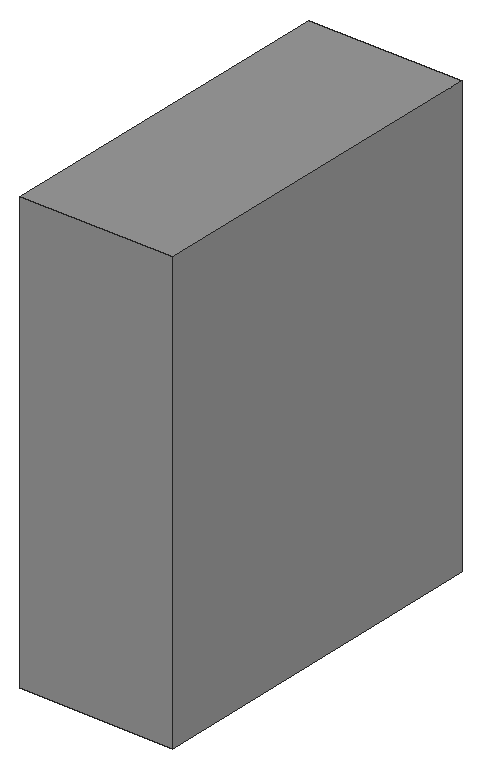
Revit family "56214 PRESTO SO'O", category Appareils sanitaires, Revit 2020
Family settings
  Cote de connecteur circulaire = Utiliser le diamètre
  Type d'élément = Normal
  Basée sur le plan de construction = Non
  Toujours verticalement = Oui
  Couper avec des vides une fois chargée = Non
  Partagée = Non
  Point de calcul de pièce = Non
Parameters
  Variantes = "56214"
  UNSPSC Code = "301815"
  Temps d'ecoulement = ""
  Region South America = "All"
  Region Oceania = "All"
  Region North America = "All"
  Region Middle East = "All"
  Region Europe = "All"
  Region Asia = "All"
  Region Antarctica = "All"
  Region Africa = "All"
  Profondeur = 58 mm
  Product SKU = "56214"
  Poids Net (Kg) = "0"
  Pays fabricant = "France"
  Pays designer = "France"
  Nom du fabricant = "Presto"
  Materiau secondaire = Chrome
  Materiau principal = Laiton
  Longueur = 155 mm
  LC = 15 mm
  URL = "http://www.prestodatashare.com/centretelechargement/index.php?lang=FR&refs=56214"
  Lien notice d'utilisation = "http://www.prestodatashare.com/centretelechargement/support.php?lang=FR&ref=56214"
  Lien fiche produit = "http://www.prestodatashare.com/espacedoc/Fiches_Techniques/FR/56214.pdf"
  Reference = "56214"
  Pression = "1 à 5 bars"
  Perte de charge = 0.0 Pa
  Modèle = "56214 PRESTO SO'O"
  Lien CCTP = "http://www.prestodatashare.com/centretelechargement/index.php?lang=FR&refs=56214"
  PC = 30 mm
  Hauteur = 150 mm
  Groupe produit = "Electronique"
  Fonction = "Aérateur anti-tartre haute qualité\nDispositif anti-coup de bélier\nAlimentation électrique : Avec transformateur 230 Vac / 7 Vdc dans boîtier étanche IP65\nRésistance thermique : Ce robinet résiste à une température de 75°C durant 30 minutes dans le cadre de chocs thermiques\nSécurité :\n- Anti-brûlure : limitation de la température maximale par butée réglable\n- Fermeture automatique de l'électrovanne en cas d'écoulement > à 30s, de coupure secteur ou de dégradation du détecteur\n\nLivré avec :\n- 2 Ecrous de fixation\n- 1 Joint et 1 rondelle\n- 2 Flexibles PEX avec écrou femelle 3/8'' (12x17) et Clapets anti-retour NF\n- 2 Joints filtre"
  Finition = "Composants en métal injecté avec traitement nickel-chrome\nCorps en métal moulé injecté"
  Famille produit = "Lavabo"
  Fabricant = "LES ROBINETS PRESTO S.A."
  Elévation par défaut = 0 mm
  Diamètre Nominal = 12 mm
  Description = "Robinet mitigeur électronique pour lavabo avec alimentation 230V sans robinet d'arrêt"
  Raccordement = "G 3/8'' (12x17)"
  Debit = "3 l/min"
  Arrivée d'eau = "G 3/8\""
  Adresse = "7, RUE RACINE - 92542 MONTROUGE CEDEX FRANCE"
Reference planes
  plane 1 "Centre (avant/arrière)": y = 0
  plane 2: z = 0
  plane 3 "Centre (gauche/droite)": x = 0
  plane 4: y = -132
  plane 5: x = 56
  plane 6: z = 161
  plane 7: x = 28
  plane 8: z = 1
  plane 9: y = -30
  plane 10: x = 15
  plane 11: x = 41
Forms (mm)
  Extrusion 1, solid, material "Laiton poli chromé", detail levels fine
    sketch origin (0, 0, 0) x (1, 0, 0) y (0, 1, 0)
      loop
        line (0, 0) -> (0, -132) -> (56, -132) -> (56, 0) -> (0, 0)
    from 0 to 161
  Extrusion 2, solid, material "Laiton poli chromé", detail levels fine
    sketch origin (0, 0, 0) x (1, 0, 0) y (0, 1, 0)
      loop
        circle (15, -30) r 5
    from 0 to 1
  Extrusion 3, solid, material "Laiton poli chromé", detail levels fine
    sketch origin (0, 0, 0) x (1, 0, 0) y (0, 1, 0)
      loop
        circle (41, -30) r 5
    from 0 to 1
Cuts and joins
  joined: Extrusion 1, Extrusion 2, Extrusion 3
Dimensions and locks
  plane 1 "Centre (avant/arrière)" to plane 4 = 132 mm
  plane 3 "Centre (gauche/droite)" to plane 5 = 56 mm
  plane 6 to level = 161 mm
  equal spacing: plane 3 "Centre (gauche/droite)", plane 7, plane 5
  locked: plane 8 to plane 2 at 1
  "PC": plane 1 "Centre (avant/arrière)" to plane 9
  "LC": plane 3 "Centre (gauche/droite)" to plane 10
  "LC": plane 11 to plane 5
  aligned and locked: level to plane 2
  aligned and locked: plane 1 "Centre (avant/arrière)" to Extrusion 1 sketch curve
  aligned and locked: plane 3 "Centre (gauche/droite)" to Extrusion 1 sketch curve
  aligned and locked: plane 4 to Extrusion 1 sketch curve
  aligned and locked: plane 5 to Extrusion 1 sketch curve
  aligned and locked: plane 6 to Extrusion 1
  aligned and locked: plane 8 to Extrusion 2
  aligned and locked: plane 8 to Extrusion 3
  aligned and locked: plane 9 to nested 1
  aligned and locked: plane 7 to nested 1
  aligned and locked: plane 6 to nested 2
  aligned and locked: plane 7 to nested 2
  aligned and locked: nested 2 to plane 4
Automatic sketch dimensions
  Extrusion 2 sketch curve to plane 9 = 0 mm
  Extrusion 2 sketch curve to plane 10 = 0 mm
  Extrusion 3 sketch curve to plane 9 = 0 mm
  Extrusion 3 sketch curve to plane 11 = 0 mm
  radius of Extrusion 2 sketch curve = 5 mm
  radius of Extrusion 3 sketch curve = 5 mm
Nested families
  nested 1: "SymboliqueA6" at (0, -30, 0) x (0, 1, 0) z (0, 0, 1), type "SymboliqueA6", detail levels coarse+medium
  nested 2: "S2DA6" at (56, -66, 0) x (0, 1, 0) z (0, 0, 1), type "S2DA6", detail levels coarse+medium
Connectors
  piping at (15, -30, 0), diameter 12, driven by "Diamètre Nominal", driven by "Perte de charge"
    settings: on Extrusion 2, index 3, connector inside diameter 609.6 mm, connector length 0 mm, flow factor 0, pipe flow 0.05 L/s, pressure drop 0.0 Pa, fitting loss kfactor 0, connector angle 0.00°, fixture units 0, engagement length 0 mm, angle of deflection 0.00°, flow configuration 0, flow direction 1, fitting loss method 4, system type 19, joint type 0, gender type 0, connector reference index -1, connector utility 0, adjustable connector no, is connector primary yes, connector description ""
  piping at (41, -30, 0), diameter 12, driven by "Perte de charge", driven by "Diamètre Nominal"
    settings: on Extrusion 3, index 4, connector inside diameter 609.6 mm, connector length 0 mm, flow factor 0, pipe flow 0.05 L/s, pressure drop 0.0 Pa, fitting loss kfactor 0, connector angle 0.00°, fixture units 0, engagement length 0 mm, angle of deflection 0.00°, flow configuration 0, flow direction 1, fitting loss method 4, system type 20, joint type 0, gender type 0, connector reference index -1, connector utility 0, adjustable connector no, is connector primary no, connector description ""
Definition of nested family "SymboliqueA6"
  Parameters (values of type "SymboliqueA6")
    V = yes
    P = 1000 mm
    L = 1000 mm
    H = 1000 mm
    Default Elevation = 0 mm
  Reference planes
    plane 1 "Centre (avant/arrière)": y = 0
    plane 2: z = 0
    plane 3 "Centre (gauche/droite)": x = 0
    plane 4: y = -1000
    plane 5: x = -500
    plane 6: x = 500
    plane 7: z = 1000
    plane 8: z = 500
    plane 9: y = -500
  Lines and regions (mm)
    model lines
      curve 1: line (0, -1000, 1000) -> (0, 0, 0)
      curve 2: line (0, 0, 0) -> (0, -1000, 0)
      curve 3: line (0, -1000, 0) -> (0, 0, 1000)
      curve 4: line (0, 0, 1000) -> (0, -1000, 1000)
  Dimensions and locks
    "H": plane 7 to plane 2
    equal spacing: plane 5, plane 3 "Centre (gauche/droite)", plane 6
    "L": plane 5 to plane 6
    equal spacing: plane 7, plane 8, level
    equal spacing: plane 4, plane 9, plane 1 "Centre (avant/arrière)"
    "P": plane 1 "Centre (avant/arrière)" to plane 4
    aligned and locked: level to plane 2
  Automatic sketch dimensions
    curve 3 to level = 0 mm
    curve 1 to plane 1 "Centre (avant/arrière)" = 0 mm
    curve 1 to plane 7 = 0 mm
    curve 3 to plane 4 = 0 mm
    curve 3 to plane 1 "Centre (avant/arrière)" = 0 mm
    curve 4 to plane 4 = 0 mm
Definition of nested family "S2DA6"
  Parameters (values of type "S2DA6")
    P = 788.322 mm
    L = 1600 mm
    H = 1250.021 mm
    Default Elevation = 0 mm
  Reference planes
    plane 1 "Centre (avant/arrière)": y = 0
    plane 2: z = 0
    plane 3 "Centre (gauche/droite)": x = 0
    plane 4: y = 788.322
    plane 5: x = -800
    plane 6: x = 800
    plane 7: y = 394.161
    plane 8: z = 1250.021
    plane 9: z = 625.01
  Lines and regions (mm)
    symbolic lines
      curve 1: line (-800, 788.322, 0) -> (800, 0, 0)
      curve 2: line (800, 0, 0) -> (800, 788.322, 0)
      curve 3: line (800, 788.322, 0) -> (-800, 0, 0)
      curve 4: line (-800, 0, 0) -> (-800, 788.322, 0)
      curve 5: line (800, 0, 1250.021) -> (-800, 0, 1250.021)
      curve 6: line (-800, 0, 1250.021) -> (800, 0, 0)
      curve 7: line (800, 0, 0) -> (-800, 0, 0)
      curve 8: line (800, 0, 1250.021) -> (-800, 0, 0)
      curve 9: line (0, 788.322, 0) -> (0, 0, 1250.021)
      curve 10: line (0, 0, 1250.021) -> (0, 788.322, 1250.021)
      curve 11: line (0, 788.322, 1250.021) -> (0, 0, 0)
      curve 12: line (0, 0, 0) -> (0, 788.322, 0)
  Dimensions and locks
    equal spacing: plane 5, plane 3 "Centre (gauche/droite)", plane 6
    equal spacing: plane 1 "Centre (avant/arrière)", plane 7, plane 4
    "P": plane 1 "Centre (avant/arrière)" to plane 4
    "L": plane 5 to plane 6
    equal spacing: plane 8, plane 9, level
    "H": plane 8 to plane 2
    aligned and locked: level to plane 2
  Automatic sketch dimensions
    plane 1 "Centre (avant/arrière)" to curve 3 = 0 mm
    curve 1 to plane 4 = 0 mm
    curve 3 to plane 4 = 0 mm
    plane 1 "Centre (avant/arrière)" to curve 2 = 0 mm
    curve 3 to plane 6 = 0 mm
    curve 4 to plane 5 = 0 mm
    curve 10 to plane 1 "Centre (avant/arrière)" = 0 mm
    curve 10 to plane 8 = 0 mm
    curve 11 to plane 4 = 0 mm
    curve 12 to level = 0 mm
    curve 12 to plane 1 "Centre (avant/arrière)" = 0 mm
    curve 12 to plane 4 = 0 mm
    plane 5 to curve 5 = 0 mm
    curve 8 to level = 0 mm
    plane 5 to curve 8 = 0 mm
    plane 6 to curve 7 = 0 mm
    plane 6 to curve 8 = 0 mm
    curve 6 to plane 8 = 0 mm
